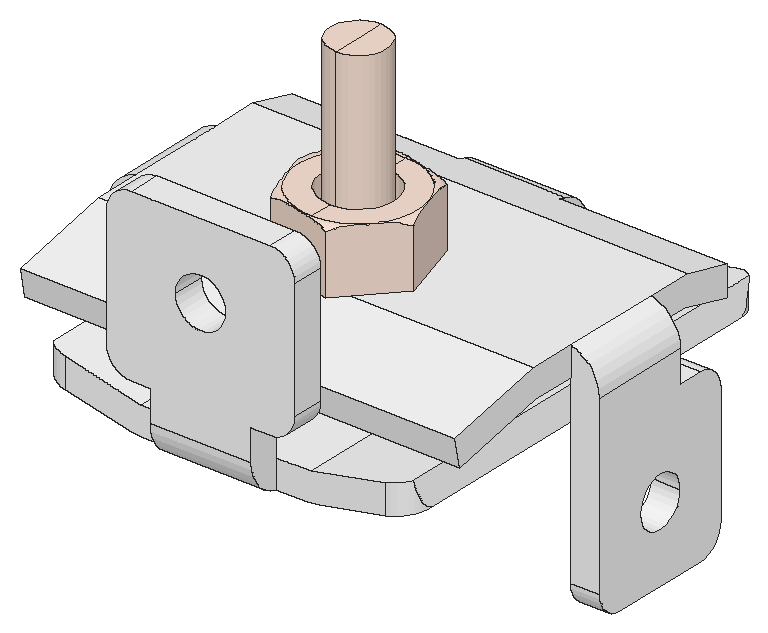
Revit family "screwclip", category 機械設備, Revit 2022
Family settings
  丸型コネクタ寸法 = 直径を使用
  種別 = なし
  パーツ タイプ = 標準
  作業面ベース = いいえ
  常に垂直 = はい
  ロード時にボイドで切り取り = いいえ
  注釈の向きを維持 = いいえ
  共有 = いいえ
  部屋計算ポイント = いいえ
Parameters
  製造元 = "株式会社桐井製作所"
  既定の高さ = 0 mm
  URL = "https://www.kirii.co.jp/"
  K_品名 = "ビス固定式振れ止めクリップ"
  K_名称 = "特殊クリップ"
  K_入数 = "200"
  K_バージョン情報 = "20211012"
Reference planes
  plane 1 "中心(正面/背面)": y = 0
  plane 2: z = 0
  plane 3 "中心(左/右)": x = 0
Forms (mm)
  Extrusion 1, solid
    sketch origin (0, 0, 0) x (1, 0, 0) y (0, 0, 1)
      loop
        line (-6.744, 2.3) -> (-14.272, 3.9) -> (-14.75, 1.65) -> (-7.459, 0.101)
        arc (-7.459, 0.101) -> (-6.983, 0.025) -> (-6.503, 0) r 4.6
        line (-6.503, 0) -> (6.503, 0)
        arc (6.503, 0) -> (6.983, 0.025) -> (7.459, 0.101) r 4.6
        line (7.459, 0.101) -> (14.75, 1.65) -> (14.272, 3.9) -> (6.744, 2.3) -> (-6.744, 2.3)
    from -17.4 to 17.4
  Extrusion 2, solid
    sketch origin (0, 0, 0) x (1, 0, 0) y (0, 0, 1)
      loop
        line (5.5, 19) -> (-5.5, 19)
        arc (-5.5, 19) -> (-6.914, 18.414) -> (-7.5, 17) r 2
        line (-7.5, 17) -> (-7.5, 7.5)
        arc (-7.5, 7.5) -> (-6.914, 6.086) -> (-5.5, 5.5) r 2
        line (-5.5, 5.5) -> (-4, 5.5) -> (-4, 0) -> (4, 0) -> (4, 5.5) -> (5.5, 5.5)
        arc (5.5, 5.5) -> (6.914, 6.086) -> (7.5, 7.5) r 2
        line (7.5, 7.5) -> (7.5, 17)
        arc (7.5, 17) -> (6.914, 18.414) -> (5.5, 19) r 2
    from 17.4 to 19.9
  Extrusion 3, void
    sketch origin (0, 0, 0) x (0, 1, 0) y (0, 0, 1)
      loop
        line (-19.9, 3) -> (-19.9, 0) -> (-17.4, 0)
        arc (-17.4, 0) -> (-19.193, 1.047) -> (-19.9, 3) r 3.05
    from -4 to 4
  Extrusion 4, void
    sketch origin (0, 0, 0) x (1, 0, 0) y (0, 0, 1)
      loop
        circle (0, 13) r 2
    from 17.3 to 19.9
  Extrusion 5, void
    sketch origin (0, 0, 0) x (1, 0, 0) y (0, 1, 0)
      loop
        line (-3.5, 3.5) -> (-3.5, -3.5) -> (3.5, -3.5) -> (3.5, 3.5) -> (-3.5, 3.5)
      loop
        line (-4.3, 10.4) -> (4.3, 10.4) -> (4.3, 14.4) -> (-4.3, 14.4) -> (-4.3, 10.4)
    from 0 to 2.3
  Extrusion 6, void
    sketch origin (0, 0, 0) x (1, 0, 0) y (0, 1, 0)
      loop
        line (-12.75, 17.4) -> (-14.75, 17.4) -> (-14.75, 15.4)
        arc (-14.75, 15.4) -> (-14.164, 16.814) -> (-12.75, 17.4) r 2
      loop
        line (14.75, 15.4) -> (14.75, 17.4) -> (12.75, 17.4)
        arc (12.75, 17.4) -> (14.164, 16.814) -> (14.75, 15.4) r 2
      loop
        line (-14.75, -15.4) -> (-14.75, -17.4) -> (-12.75, -17.4)
        arc (-12.75, -17.4) -> (-14.164, -16.814) -> (-14.75, -15.4) r 2
      loop
        line (12.75, -17.4) -> (14.75, -17.4) -> (14.75, -15.4)
        arc (14.75, -15.4) -> (14.164, -16.814) -> (12.75, -17.4) r 2
    from 0 to 3.9
  Extrusion 7, solid
    sketch origin (0, 146.316, -34.085) x (0, -1, 0) y (0, 0, 1)
      loop
        arc (135.044, 39.395) -> (135.189, 39.821) -> (135.563, 40.071) r 0.7
        line (135.563, 40.071) -> (139.744, 41.191) -> (154.538, 41.191) -> (162.066, 39.591) -> (162.544, 41.841) -> (154.78, 43.491) -> (139.441, 43.491) -> (134.967, 42.292)
        arc (134.967, 42.292) -> (133.364, 41.221) -> (132.744, 39.395) r 3
        line (132.744, 39.395) -> (132.744, 27.991) -> (135.044, 27.991) -> (135.044, 39.395)
    from -17.3 to 17.3
  Extrusion 8, solid
    sketch origin (0, 146.316, -34.085) x (0, 1, 0) y (0, 0, -1)
      loop
        line (-141.044, -24.491) -> (-149.044, -24.491)
        arc (-149.044, -24.491) -> (-150.458, -25.077) -> (-151.044, -26.491) r 2
        line (-151.044, -26.491) -> (-151.044, -43.491) -> (-143.044, -43.491) -> (-143.044, -37.991) -> (-141.044, -37.991)
        arc (-141.044, -37.991) -> (-139.63, -37.405) -> (-139.044, -35.991) r 2
        line (-139.044, -35.991) -> (-139.044, -26.491)
        arc (-139.044, -26.491) -> (-139.63, -25.077) -> (-141.044, -24.491) r 2
    from 17.3 to 19.6
  Extrusion 9, solid
    sketch origin (36.9, 146.316, -34.085) x (0, 1, 0) y (0, 0, -1)
      loop
        line (-141.044, -24.491) -> (-149.044, -24.491)
        arc (-149.044, -24.491) -> (-150.458, -25.077) -> (-151.044, -26.491) r 2
        line (-151.044, -26.491) -> (-151.044, -43.491) -> (-143.044, -43.491) -> (-143.044, -37.991) -> (-141.044, -37.991)
        arc (-141.044, -37.991) -> (-139.63, -37.405) -> (-139.044, -35.991) r 2
        line (-139.044, -35.991) -> (-139.044, -26.491)
        arc (-139.044, -26.491) -> (-139.63, -25.077) -> (-141.044, -24.491) r 2
    from 17.3 to 19.6
  Extrusion 10, void
    sketch origin (0, 146.316, -34.085) x (-1, 0, 0) y (0, 0, -1)
      loop
        line (-19.6, -43.491) -> (-17.3, -43.491)
        arc (-17.3, -43.491) -> (-18.959, -42.381) -> (-19.6, -40.491) r 3.107
        line (-19.6, -40.491) -> (-19.6, -43.491)
    from 143.044 to 151.044
  Extrusion 11, void
    sketch origin (0, 146.316, -34.085) x (1, 0, 0) y (0, 0, 1)
      loop
        line (-19.6, 43.491) -> (-19.6, 40.491)
        arc (-19.6, 40.491) -> (-18.959, 42.381) -> (-17.3, 43.491) r 3.107
        line (-17.3, 43.491) -> (-19.6, 43.491)
    from 143.044 to 151.044
  Extrusion 12, void
    sketch origin (0, 146.316, -34.085) x (0, 1, 0) y (0, 0, -1)
      loop
        circle (-145.044, -30.491) r 2
    from 17.3 to 19.6
  Extrusion 13, void
    sketch origin (36.9, 146.316, -34.085) x (0, 1, 0) y (0, 0, -1)
      loop
        circle (-145.044, -30.491) r 2
    from 17.3 to 19.6
  Extrusion 14, void
    sketch origin (0, 146.316, -34.085) x (-1, 0, 0) y (0, 0, -1)
      loop
        line (-2, -27.991) -> (-17.3, -27.991) -> (-17.3, -43.491) -> (-4, -43.491) -> (-4, -29.991)
        arc (-4, -29.991) -> (-3.414, -28.577) -> (-2, -27.991) r 2
      loop
        arc (2, -27.991) -> (3.414, -28.577) -> (4, -29.991) r 2
        line (4, -29.991) -> (4, -43.491) -> (17.3, -43.491) -> (17.3, -27.991) -> (2, -27.991)
    from 132.744 to 135.522
  Extrusion 15, void
    sketch origin (0, 0, 0) x (1, 0, 0) y (0, 1, 0)
      loop
        circle (0, -4.228) r 3.25
    from 7.106 to 9.406
Cuts and joins
  Extrusion 4, Extrusion 5, Extrusion 6, Extrusion 15 cuts Extrusion 1
  Extrusion 3, Extrusion 4, Extrusion 5, Extrusion 6, Extrusion 15 cuts Extrusion 2
  joined: Extrusion 1, Extrusion 2
  Extrusion 12, Extrusion 13, Extrusion 14, Extrusion 15 cuts Extrusion 7
  Extrusion 11, Extrusion 12, Extrusion 13, Extrusion 15 cuts Extrusion 8
  Extrusion 10, Extrusion 11, Extrusion 12, Extrusion 13, Extrusion 14, Extrusion 15 cuts Extrusion 9
  joined: Extrusion 7, Extrusion 8, Extrusion 9
Dimensions and locks
  aligned and locked: level to plane 2
Nested families
  nested 1: "ナット" at (0, -4.228, 9.406) x (0, 1, 0) z (0, 0, 1), type "ナット"
  nested 2: "根角ボルト(M6)" at (0, -4.228, 0), type "根角ボルト(M6)"
Definition of nested family "ナット"
  Parameters (values of type "ナット")
    Default Elevation = 1219.2 mm
  Reference planes
    plane 1 "中心(正面/背面)": y = 0
    plane 2: z = 0
    plane 3 "中心(左/右)": x = 0
  Forms (mm)
    Extrusion 1, solid
      sketch origin (0, 0, 0) x (1, 0, 0) y (0, 1, 0)
        loop
          line (-55, 45) -> (-55, -45.273) -> (55.986, -45.273) -> (55.986, 45) -> (-55, 45)
      from 0 to -304.8
    Revolve 2, solid
      sketch origin (0, 0, 2.36) x (1, 0, 0) y (0, 0, 1)
        loop
          arc (5.774, 1.64) -> (5.471, 2.356) -> (4.748, 2.639) r 1
          line (4.748, 2.639) -> (2.887, 2.639) -> (2.887, -2.36) -> (5.774, -2.36) -> (5.774, 1.64)
        axis (0, 2.639) -> (0, -2.36)
      angle from 0 to 360
    Extrusion 3, void
      sketch origin (0, 0, 0) x (1, 0, 0) y (0, 1, 0)
        loop
          line (5.286, 1.616) -> (1.243, 5.386) -> (-4.042, 3.77) -> (-5.286, -1.616) -> (-1.243, -5.386) -> (4.042, -3.77) -> (5.286, 1.616)
        loop
          line (1.642, 7.114) -> (-5.34, 4.979) -> (-6.982, -2.135) -> (-1.642, -7.114) -> (5.34, -4.979) -> (6.982, 2.135) -> (1.642, 7.114)
      from 0 to 5.157
  Cuts and joins
    Extrusion 3 cuts Revolve 2
  Dimensions and locks
    aligned and locked: plane 2 to Extrusion 1
    aligned and locked: level to Extrusion 1
Definition of nested family "根角ボルト(M6)"
  Parameters (values of type "根角ボルト(M6)")
    Manufacturer = "株式会社桐井製作所"
    Default Elevation = 0 mm
    URL = "https://www.kirii.co.jp/"
    K_結束/入数 = "150"
    K_板厚(mm) = 0 mm
    K_材質 = ""
    K_材料規格 = ""
    K_品名 = "根角ボルトM6×25"
    K_名称 = "RPクリップ付属部品"
    K_めっき付着量 = ""
    K_JIS規格 = ""
  Reference planes
    plane 1 "中心(正面/背面)": y = 0
    plane 2: z = 0
    plane 3 "中心(左/右)": x = 0
    plane 4: x = 10
    plane 5: x = -10
  Forms (mm)
    Revolve 1, solid
      sketch origin (0, 0, 0) x (0, 1, 0) y (0, 0, 1)
        loop
          line (0, 0) -> (0, -1.652)
          arc (0, -1.652) -> (3.596, -1.234) -> (7, 0) r 15.652
          line (7, 0) -> (0, 0)
        axis (0, -1.652) -> (0, 0)
      angle from 0 to 360
    Revolve 2, solid
      sketch origin (0, 0, 0) x (0, 1, 0) y (0, 0, 1)
        loop
          line (2.25, 3) -> (2.25, 25) -> (0, 25) -> (0, 3) -> (0, 0) -> (3.15, 0) -> (3.15, 3) -> (2.25, 3)
        axis (0, 0) -> (0, 25)
      angle from 0 to 360
  Dimensions and locks
    aligned and locked: level to plane 2
